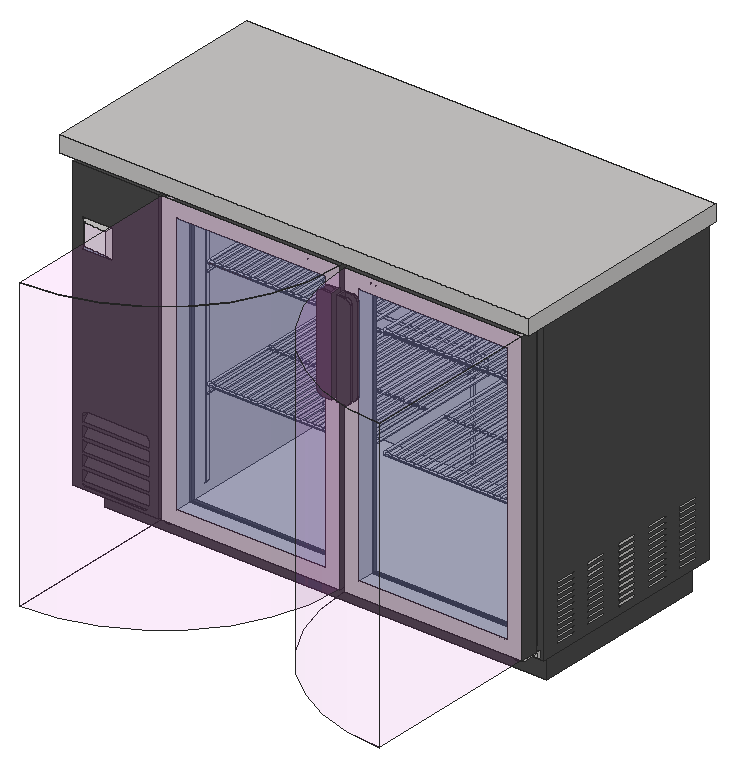
Revit family "QF_Kelvinator_738272_KCHBB48G", category Specialty Equipment, Revit 2021
Family settings
  Round Connector Dimension = Use Diameter
  Part Type = Normal
  Work Plane-Based = No
  Always vertical = Yes
  Cut with Voids When Loaded = No
  Shared = No
  Room Calculation Point = No
Parameters
  Weight in Pounds = 231.485
  Weight = 114.00 lbm
  Watts = 0 W
  Volts = 115 V
  URL Manufacturer = "KELVINATOR"
  URL Cutsheet = ""
  URL = "KELVINATOR"
  Specification by User = ""
  Specification by Manufacturer = ""
  Serial Number = ""
  Seismic Rating = ""
  SMACNA No = ""
  Revision Code = ""
  Refrigerant Type = "R290"
  Phase = 1
  Number of Poles = 1
  NAFEM Spec ID Number = ""
  Model = "KCHBB48G"
  Min Ckt Ampacity = 0 A
  Max Overcurrent Protection = 0 A
  Masterspec = ""
  Manufacturer = "Kelvinator"
  Length Actual = 1247"
  Length = 49 1/8"
  Item Number = "738272"
  Installed By = ""
  Identify Quantity as Lot = yes
  Height Actual = 920"
  Height = 36 1/4"
  HP = "0.4 HP"
  Gas KW = 0
  Furnished By = ""
  Foodservice Equipment Identifier = yes
  FL Amps = 3 A
  Electrical Remarks = ""
  Electric Connection Type = ""
  Elec Conn RI Height = 0"
  Elec Conn Connection Height = 0"
  Description = "2-GLASS DOOR BACK BAR REFRIGERATOR BLACK 49\" LONG"
  Depth Actual = 620"
  Depth = 24 7/16"
  Default Elevation = 0"
  Cycle = 60 Hz
  Conn Plug = "5-15P"
  Conn Conduit = yes
  CSI MasterFormat = ""
  Apparent Power = 0 VA
  Accessory = no
Reference planes (in)
  plane 1 "BACK": y = 0
  plane 2: z = 0
  plane 3 "LEFT": x = 0
  plane 4 "RIGHT": x = 49.125
  plane 5 "FRONT": y = -24.4375
  plane 6 "TOP": z = 36.25
  plane 7 "Center Y": x = 24.5625
  plane 8 "Center X": y = -12.21875
Dimensions and locks (in)
  equal spacing: plane 3 "LEFT", plane 7 "Center Y", plane 4 "RIGHT"
  "Length": plane 3 "LEFT" to plane 4 "RIGHT"
  equal spacing: plane 5 "FRONT", plane 8 "Center X", plane 1 "BACK"
  "Depth": plane 5 "FRONT" to plane 1 "BACK"
  "Height": plane 6 "TOP" to level
  aligned and locked: level to plane 2
Nested families (in)
  nested 1: "KCHBB48S" at (0, 0, 0), type "KCHBB48S"
    with Show Clearance yes
Connectors (in)
  electrical at (24.53125, -0.715, 2.1875), driven by "Volts", driven by "Watts"
    settings: on nested 1, index 1, voltage 115 V, apparent load 0 VA, apparent load phase1 0 VA, apparent load phase2 0 VA, apparent load phase3 0 VA, power factor 1, load classification "Other", number of poles 1, system type 30, power factor state 1, is connector primary yes, connector utility no, sub classification motor no, connector description ""
Definition of nested family "KCHBB48S"
  Parameters (values of type "KCHBB48S")
    Weight in Pounds = 0
    URL Cutsheet = ""
    Specification by User = ""
    Specification by Manufacturer = ""
    Show Clearance [instance] = yes
    Serial Number = ""
    Seismic Rating = ""
    SMACNA No = ""
    Revision Code = ""
    NAFEM Spec ID Number = ""
    Masterspec = ""
    Length = 49 1/8"
    Item Number = ""
    Installed By = ""
    Identify Quantity as Lot = yes
    Height = 36 1/4"
    Furnished By = ""
    Foodservice Equipment Identifier = yes
    Depth = 24 7/16"
    Default Elevation = 0"
    CSI MasterFormat = ""
  Reference planes (in)
    plane 1 "BACK": y = 0
    plane 2: z = 0
    plane 3 "LEFT": x = 0
    plane 4 "RIGHT": x = 49.125
    plane 5 "FRONT": y = -24.4375
    plane 6 "TOP": z = 36.25
    plane 7 "Center Y": x = 24.5625
    plane 8 "Center X": y = -12.21875
    plane 9: x = 48.46875
    plane 10: x = 0.59375
    plane 11: x = 47.96875
    plane 12: x = 29.36875
    plane 13: x = 28.86875
    plane 14: x = 10.26875
    plane 15: x = 9.93375
    plane 16: x = 0.93375
    plane 17: z = 2.6875
    plane 18: z = 34.5875
    plane 19: y = -40.8
    plane 20: y = -21.6
    plane 21: x = 1.34375
    plane 22: x = 47.71875
    plane 23: y = -1.34
    plane 24: y = -20.26
    plane 25: z = 33.8375
    plane 26: z = 3.4375
    plane 27: y = -22.1
    plane 28: x = 1.93375
    plane 29: x = 8.93375
    plane 30: x = 10.96025
  Forms (in)
    Extrusion 1, solid
      sketch origin (0.59375, -180, -2.6612) x (0, 0, -1) y (0, -1, 0)
        loop
          line (-5.3487, -180) -> (-5.3487, -158.4) -> (-37.2487, -158.4) -> (-37.2487, -180) -> (-5.3487, -180)
      from 0 to -47.875
    Extrusion 2, solid
      sketch origin (0, 0, 0) x (0, 1, 0) y (0, 0, 1)
        loop
          line (-24.4375, 36.25) -> (-24.4375, 34.5875) -> (0, 34.5875) -> (0, 36.25) -> (-24.4375, 36.25)
      from 0 to 49.125
    Extrusion 3, solid
      sketch origin (0, -1.34, 0) x (0, 0, -1) y (1, 0, 0)
        loop
          line (-2.6875, 1.34375) -> (0, 1.34375) -> (0, 47.71875) -> (-2.6875, 47.71875) -> (-2.6875, 1.34375)
      from 0 to 18.92
    Extrusion 4, solid
      sketch origin (0, -22.1, 34.5875) x (0, 0, 1) y (1, 0, 0)
        loop
          line (-0.75, 0.93375) -> (-0.75, 9.93375) -> (-31.15, 9.93375) -> (-31.15, 0.93375) -> (-0.75, 0.93375)
      from 0.5 to -1.75
    Extrusion 5, void
      sketch origin (1.93375, -180, 12.66737) x (0, 0, -1) y (0, -1, 0)
        loop
          line (8.97987, -157.025) -> (8.97987, -154.65) -> (1.85487, -154.65) -> (1.85487, -157.025) -> (2.10487, -157.025) -> (2.97987, -156.15) -> (3.22987, -156.15) -> (3.22987, -157.025) -> (3.47987, -157.025) -> (4.35487, -156.15) -> (4.60487, -156.15) -> (4.60487, -157.025) -> (4.85487, -157.025) -> (5.72987, -156.15) -> (5.97987, -156.15) -> (5.97987, -157.025) -> (6.22987, -157.025) -> (7.10487, -156.15) -> (7.35487, -156.15) -> (7.35487, -157.025) -> (7.60487, -157.025) -> (8.47987, -156.15) -> (8.72987, -156.15) -> (8.72987, -157.025) -> (8.97987, -157.025)
      from 0 to -7
    Extrusion 6, solid
      sketch origin (47.96875, -23.85, 3.4375) x (0, 0, 1) y (-1, 0, 0)
        loop
          line (7.375, 39.535) -> (7.375, 45.535)
          arc (7.375, 45.535) -> (7.22855, 45.88855) -> (6.875, 46.035) r 0.5
          line (6.875, 46.035) -> (0.75, 46.035)
          arc (0.75, 46.035) -> (0.39645, 45.88855) -> (0.25, 45.535) r 0.5
          line (0.25, 45.535) -> (0.25, 39.535)
          arc (0.25, 39.535) -> (0.39645, 39.18145) -> (0.75, 39.035) r 0.5
          line (0.75, 39.035) -> (6.875, 39.035)
          arc (6.875, 39.035) -> (7.22855, 39.18145) -> (7.375, 39.535) r 0.5
        loop
          line (7.625, 39.535) -> (7.625, 45.535)
          arc (7.625, 45.535) -> (7.40533, 46.06533) -> (6.875, 46.285) r 0.75
          line (6.875, 46.285) -> (0.75, 46.285)
          arc (0.75, 46.285) -> (0.21967, 46.06533) -> (0, 45.535) r 0.75
          line (0, 45.535) -> (0, 39.535)
          arc (0, 39.535) -> (0.21967, 39.00467) -> (0.75, 38.785) r 0.75
          line (0.75, 38.785) -> (6.875, 38.785)
          arc (6.875, 38.785) -> (7.40533, 39.00467) -> (7.625, 39.535) r 0.75
      from 0 to -0.875
    Blend 7, solid
      base sketch origin (47.96875, -23.85, 3.4375) x (0, 0, 1) y (-1, 0, 0)
        loop
          line (25.18493, 45.65025) -> (22.93493, 45.65025) -> (22.93493, 43.40025) -> (25.18493, 43.40025) -> (25.18493, 45.65025)
      top sketch origin (47.96875, -23.85, 3.4375) x (0, 0, 1) y (-1, 0, 0)
        loop
          line (25.56493, 46.03025) -> (22.55493, 46.03025) -> (22.55493, 43.02025) -> (25.56493, 43.02025) -> (25.56493, 46.03025)
      from 0.21643 to 0
    Extrusion 8, void
      sketch origin (0.59375, -180, -2.6612) x (0, 0, 1) y (0, -1, 0)
        loop
          arc (12.07129, -160.16063) -> (11.91504, -160.00438) -> (11.75879, -160.16063) r 0.15625
          line (11.75879, -160.16063) -> (11.75879, -162.09813)
          arc (11.75879, -162.09813) -> (11.91504, -162.25438) -> (12.07129, -162.09813) r 0.15625
          line (12.07129, -162.09813) -> (12.07129, -160.16063)
        loop
          arc (11.50879, -160.16063) -> (11.35254, -160.00438) -> (11.19629, -160.16063) r 0.15625
          line (11.19629, -160.16063) -> (11.19629, -162.09813)
          arc (11.19629, -162.09813) -> (11.35254, -162.25438) -> (11.50879, -162.09813) r 0.15625
          line (11.50879, -162.09813) -> (11.50879, -160.16063)
        loop
          arc (10.94629, -160.16063) -> (10.79004, -160.00438) -> (10.63379, -160.16063) r 0.15625
          line (10.63379, -160.16063) -> (10.63379, -162.09813)
          arc (10.63379, -162.09813) -> (10.79004, -162.25438) -> (10.94629, -162.09813) r 0.15625
          line (10.94629, -162.09813) -> (10.94629, -160.16063)
        loop
          arc (10.38379, -160.16063) -> (10.22754, -160.00438) -> (10.07129, -160.16063) r 0.15625
          line (10.07129, -160.16063) -> (10.07129, -162.09813)
          arc (10.07129, -162.09813) -> (10.22754, -162.25438) -> (10.38379, -162.09813) r 0.15625
          line (10.38379, -162.09813) -> (10.38379, -160.16063)
        loop
          arc (9.82129, -160.16063) -> (9.66504, -160.00438) -> (9.50879, -160.16063) r 0.15625
          line (9.50879, -160.16063) -> (9.50879, -162.09813)
          arc (9.50879, -162.09813) -> (9.66504, -162.25438) -> (9.82129, -162.09813) r 0.15625
          line (9.82129, -162.09813) -> (9.82129, -160.16063)
        loop
          arc (9.25879, -160.16063) -> (9.10254, -160.00438) -> (8.94629, -160.16063) r 0.15625
          line (8.94629, -160.16063) -> (8.94629, -162.09813)
          arc (8.94629, -162.09813) -> (9.10254, -162.25438) -> (9.25879, -162.09813) r 0.15625
          line (9.25879, -162.09813) -> (9.25879, -160.16063)
        loop
          arc (8.69629, -160.16063) -> (8.54004, -160.00438) -> (8.38379, -160.16063) r 0.15625
          line (8.38379, -160.16063) -> (8.38379, -162.09813)
          arc (8.38379, -162.09813) -> (8.54004, -162.25438) -> (8.69629, -162.09813) r 0.15625
          line (8.69629, -162.09813) -> (8.69629, -160.16063)
        loop
          arc (8.13379, -160.16063) -> (7.97754, -160.00438) -> (7.82129, -160.16063) r 0.15625
          line (7.82129, -160.16063) -> (7.82129, -162.09813)
          arc (7.82129, -162.09813) -> (7.97754, -162.25438) -> (8.13379, -162.09813) r 0.15625
          line (8.13379, -162.09813) -> (8.13379, -160.16063)
        loop
          arc (7.57129, -160.16063) -> (7.41504, -160.00438) -> (7.25879, -160.16063) r 0.15625
          line (7.25879, -160.16063) -> (7.25879, -162.09813)
          arc (7.25879, -162.09813) -> (7.41504, -162.25438) -> (7.57129, -162.09813) r 0.15625
          line (7.57129, -162.09813) -> (7.57129, -160.16063)
        loop
          arc (7.00879, -160.16063) -> (6.85254, -160.00438) -> (6.69629, -160.16063) r 0.15625
          line (6.69629, -160.16063) -> (6.69629, -162.09813)
          arc (6.69629, -162.09813) -> (6.85254, -162.25438) -> (7.00879, -162.09813) r 0.15625
          line (7.00879, -162.09813) -> (7.00879, -160.16063)
        loop
          arc (6.44629, -160.16063) -> (6.29004, -160.00438) -> (6.13379, -160.16063) r 0.15625
          line (6.13379, -160.16063) -> (6.13379, -162.09813)
          arc (6.13379, -162.09813) -> (6.29004, -162.25438) -> (6.44629, -162.09813) r 0.15625
          line (6.44629, -162.09813) -> (6.44629, -160.16063)
        loop
          arc (12.07129, -164.16063) -> (11.91504, -164.00438) -> (11.75879, -164.16063) r 0.15625
          line (11.75879, -164.16063) -> (11.75879, -166.09813)
          arc (11.75879, -166.09813) -> (11.91504, -166.25438) -> (12.07129, -166.09813) r 0.15625
          line (12.07129, -166.09813) -> (12.07129, -164.16063)
        loop
          arc (11.50879, -164.16063) -> (11.35254, -164.00438) -> (11.19629, -164.16063) r 0.15625
          line (11.19629, -164.16063) -> (11.19629, -166.09813)
          arc (11.19629, -166.09813) -> (11.35254, -166.25438) -> (11.50879, -166.09813) r 0.15625
          line (11.50879, -166.09813) -> (11.50879, -164.16063)
        loop
          arc (10.94629, -164.16063) -> (10.79004, -164.00438) -> (10.63379, -164.16063) r 0.15625
          line (10.63379, -164.16063) -> (10.63379, -166.09813)
          arc (10.63379, -166.09813) -> (10.79004, -166.25438) -> (10.94629, -166.09813) r 0.15625
          line (10.94629, -166.09813) -> (10.94629, -164.16063)
        loop
          arc (10.38379, -164.16063) -> (10.22754, -164.00438) -> (10.07129, -164.16063) r 0.15625
          line (10.07129, -164.16063) -> (10.07129, -166.09813)
          arc (10.07129, -166.09813) -> (10.22754, -166.25438) -> (10.38379, -166.09813) r 0.15625
          line (10.38379, -166.09813) -> (10.38379, -164.16063)
        loop
          arc (9.82129, -164.16063) -> (9.66504, -164.00438) -> (9.50879, -164.16063) r 0.15625
          line (9.50879, -164.16063) -> (9.50879, -166.09813)
          arc (9.50879, -166.09813) -> (9.66504, -166.25438) -> (9.82129, -166.09813) r 0.15625
          line (9.82129, -166.09813) -> (9.82129, -164.16063)
        loop
          arc (9.25879, -164.16063) -> (9.10254, -164.00438) -> (8.94629, -164.16063) r 0.15625
          line (8.94629, -164.16063) -> (8.94629, -166.09813)
          arc (8.94629, -166.09813) -> (9.10254, -166.25438) -> (9.25879, -166.09813) r 0.15625
          line (9.25879, -166.09813) -> (9.25879, -164.16063)
        loop
          arc (8.69629, -164.16063) -> (8.54004, -164.00438) -> (8.38379, -164.16063) r 0.15625
          line (8.38379, -164.16063) -> (8.38379, -166.09813)
          arc (8.38379, -166.09813) -> (8.54004, -166.25438) -> (8.69629, -166.09813) r 0.15625
          line (8.69629, -166.09813) -> (8.69629, -164.16063)
        loop
          arc (8.13379, -164.16063) -> (7.97754, -164.00438) -> (7.82129, -164.16063) r 0.15625
          line (7.82129, -164.16063) -> (7.82129, -166.09813)
          arc (7.82129, -166.09813) -> (7.97754, -166.25438) -> (8.13379, -166.09813) r 0.15625
          line (8.13379, -166.09813) -> (8.13379, -164.16063)
        loop
          arc (7.57129, -164.16063) -> (7.41504, -164.00438) -> (7.25879, -164.16063) r 0.15625
          line (7.25879, -164.16063) -> (7.25879, -166.09813)
          arc (7.25879, -166.09813) -> (7.41504, -166.25438) -> (7.57129, -166.09813) r 0.15625
          line (7.57129, -166.09813) -> (7.57129, -164.16063)
        loop
          arc (7.00879, -164.16063) -> (6.85254, -164.00438) -> (6.69629, -164.16063) r 0.15625
          line (6.69629, -164.16063) -> (6.69629, -166.09813)
          arc (6.69629, -166.09813) -> (6.85254, -166.25438) -> (7.00879, -166.09813) r 0.15625
          line (7.00879, -166.09813) -> (7.00879, -164.16063)
        loop
          arc (6.44629, -164.16063) -> (6.29004, -164.00438) -> (6.13379, -164.16063) r 0.15625
          line (6.13379, -164.16063) -> (6.13379, -166.09813)
          arc (6.13379, -166.09813) -> (6.29004, -166.25438) -> (6.44629, -166.09813) r 0.15625
          line (6.44629, -166.09813) -> (6.44629, -164.16063)
        loop
          arc (12.07129, -168.16063) -> (11.91504, -168.00438) -> (11.75879, -168.16063) r 0.15625
          line (11.75879, -168.16063) -> (11.75879, -170.09813)
          arc (11.75879, -170.09813) -> (11.91504, -170.25438) -> (12.07129, -170.09813) r 0.15625
          line (12.07129, -170.09813) -> (12.07129, -168.16063)
        loop
          arc (11.50879, -168.16063) -> (11.35254, -168.00438) -> (11.19629, -168.16063) r 0.15625
          line (11.19629, -168.16063) -> (11.19629, -170.09813)
          arc (11.19629, -170.09813) -> (11.35254, -170.25438) -> (11.50879, -170.09813) r 0.15625
          line (11.50879, -170.09813) -> (11.50879, -168.16063)
        loop
          arc (10.94629, -168.16063) -> (10.79004, -168.00438) -> (10.63379, -168.16063) r 0.15625
          line (10.63379, -168.16063) -> (10.63379, -170.09813)
          arc (10.63379, -170.09813) -> (10.79004, -170.25438) -> (10.94629, -170.09813) r 0.15625
          line (10.94629, -170.09813) -> (10.94629, -168.16063)
        loop
          arc (10.38379, -168.16063) -> (10.22754, -168.00438) -> (10.07129, -168.16063) r 0.15625
          line (10.07129, -168.16063) -> (10.07129, -170.09813)
          arc (10.07129, -170.09813) -> (10.22754, -170.25438) -> (10.38379, -170.09813) r 0.15625
          line (10.38379, -170.09813) -> (10.38379, -168.16063)
        loop
          arc (9.82129, -168.16063) -> (9.66504, -168.00438) -> (9.50879, -168.16063) r 0.15625
          line (9.50879, -168.16063) -> (9.50879, -170.09813)
          arc (9.50879, -170.09813) -> (9.66504, -170.25438) -> (9.82129, -170.09813) r 0.15625
          line (9.82129, -170.09813) -> (9.82129, -168.16063)
        loop
          arc (9.25879, -168.16063) -> (9.10254, -168.00438) -> (8.94629, -168.16063) r 0.15625
          line (8.94629, -168.16063) -> (8.94629, -170.09813)
          arc (8.94629, -170.09813) -> (9.10254, -170.25438) -> (9.25879, -170.09813) r 0.15625
          line (9.25879, -170.09813) -> (9.25879, -168.16063)
        loop
          arc (8.69629, -168.16063) -> (8.54004, -168.00438) -> (8.38379, -168.16063) r 0.15625
          line (8.38379, -168.16063) -> (8.38379, -170.09813)
          arc (8.38379, -170.09813) -> (8.54004, -170.25438) -> (8.69629, -170.09813) r 0.15625
          line (8.69629, -170.09813) -> (8.69629, -168.16063)
        loop
          arc (8.13379, -168.16063) -> (7.97754, -168.00438) -> (7.82129, -168.16063) r 0.15625
          line (7.82129, -168.16063) -> (7.82129, -170.09813)
          arc (7.82129, -170.09813) -> (7.97754, -170.25438) -> (8.13379, -170.09813) r 0.15625
          line (8.13379, -170.09813) -> (8.13379, -168.16063)
        loop
          arc (7.57129, -168.16063) -> (7.41504, -168.00438) -> (7.25879, -168.16063) r 0.15625
          line (7.25879, -168.16063) -> (7.25879, -170.09813)
          arc (7.25879, -170.09813) -> (7.41504, -170.25438) -> (7.57129, -170.09813) r 0.15625
          line (7.57129, -170.09813) -> (7.57129, -168.16063)
        loop
          arc (7.00879, -168.16063) -> (6.85254, -168.00438) -> (6.69629, -168.16063) r 0.15625
          line (6.69629, -168.16063) -> (6.69629, -170.09813)
          arc (6.69629, -170.09813) -> (6.85254, -170.25438) -> (7.00879, -170.09813) r 0.15625
          line (7.00879, -170.09813) -> (7.00879, -168.16063)
        loop
          arc (6.44629, -168.16063) -> (6.29004, -168.00438) -> (6.13379, -168.16063) r 0.15625
          line (6.13379, -168.16063) -> (6.13379, -170.09813)
          arc (6.13379, -170.09813) -> (6.29004, -170.25438) -> (6.44629, -170.09813) r 0.15625
          line (6.44629, -170.09813) -> (6.44629, -168.16063)
        loop
          arc (12.07129, -172.16063) -> (11.91504, -172.00438) -> (11.75879, -172.16063) r 0.15625
          line (11.75879, -172.16063) -> (11.75879, -174.09813)
          arc (11.75879, -174.09813) -> (11.91504, -174.25438) -> (12.07129, -174.09813) r 0.15625
          line (12.07129, -174.09813) -> (12.07129, -172.16063)
        loop
          arc (11.50879, -172.16063) -> (11.35254, -172.00438) -> (11.19629, -172.16063) r 0.15625
          line (11.19629, -172.16063) -> (11.19629, -174.09813)
          arc (11.19629, -174.09813) -> (11.35254, -174.25438) -> (11.50879, -174.09813) r 0.15625
          line (11.50879, -174.09813) -> (11.50879, -172.16063)
        loop
          arc (10.94629, -172.16063) -> (10.79004, -172.00438) -> (10.63379, -172.16063) r 0.15625
          line (10.63379, -172.16063) -> (10.63379, -174.09813)
          arc (10.63379, -174.09813) -> (10.79004, -174.25438) -> (10.94629, -174.09813) r 0.15625
          line (10.94629, -174.09813) -> (10.94629, -172.16063)
        loop
          arc (10.38379, -172.16063) -> (10.22754, -172.00438) -> (10.07129, -172.16063) r 0.15625
          line (10.07129, -172.16063) -> (10.07129, -174.09813)
          arc (10.07129, -174.09813) -> (10.22754, -174.25438) -> (10.38379, -174.09813) r 0.15625
          line (10.38379, -174.09813) -> (10.38379, -172.16063)
        loop
          arc (9.82129, -172.16063) -> (9.66504, -172.00438) -> (9.50879, -172.16063) r 0.15625
          line (9.50879, -172.16063) -> (9.50879, -174.09813)
          arc (9.50879, -174.09813) -> (9.66504, -174.25438) -> (9.82129, -174.09813) r 0.15625
          line (9.82129, -174.09813) -> (9.82129, -172.16063)
        loop
          arc (9.25879, -172.16063) -> (9.10254, -172.00438) -> (8.94629, -172.16063) r 0.15625
          line (8.94629, -172.16063) -> (8.94629, -174.09813)
          arc (8.94629, -174.09813) -> (9.10254, -174.25438) -> (9.25879, -174.09813) r 0.15625
          line (9.25879, -174.09813) -> (9.25879, -172.16063)
        loop
          arc (8.69629, -172.16063) -> (8.54004, -172.00438) -> (8.38379, -172.16063) r 0.15625
          line (8.38379, -172.16063) -> (8.38379, -174.09813)
          arc (8.38379, -174.09813) -> (8.54004, -174.25438) -> (8.69629, -174.09813) r 0.15625
          line (8.69629, -174.09813) -> (8.69629, -172.16063)
        loop
          arc (8.13379, -172.16063) -> (7.97754, -172.00438) -> (7.82129, -172.16063) r 0.15625
          line (7.82129, -172.16063) -> (7.82129, -174.09813)
          arc (7.82129, -174.09813) -> (7.97754, -174.25438) -> (8.13379, -174.09813) r 0.15625
          line (8.13379, -174.09813) -> (8.13379, -172.16063)
        loop
          arc (7.57129, -172.16063) -> (7.41504, -172.00438) -> (7.25879, -172.16063) r 0.15625
          line (7.25879, -172.16063) -> (7.25879, -174.09813)
          arc (7.25879, -174.09813) -> (7.41504, -174.25438) -> (7.57129, -174.09813) r 0.15625
          line (7.57129, -174.09813) -> (7.57129, -172.16063)
        loop
          arc (7.00879, -172.16063) -> (6.85254, -172.00438) -> (6.69629, -172.16063) r 0.15625
          line (6.69629, -172.16063) -> (6.69629, -174.09813)
          arc (6.69629, -174.09813) -> (6.85254, -174.25438) -> (7.00879, -174.09813) r 0.15625
          line (7.00879, -174.09813) -> (7.00879, -172.16063)
        loop
          arc (6.44629, -172.16063) -> (6.29004, -172.00438) -> (6.13379, -172.16063) r 0.15625
          line (6.13379, -172.16063) -> (6.13379, -174.09813)
          arc (6.13379, -174.09813) -> (6.29004, -174.25438) -> (6.44629, -174.09813) r 0.15625
          line (6.44629, -174.09813) -> (6.44629, -172.16063)
        loop
          arc (12.07129, -176.16063) -> (11.91504, -176.00438) -> (11.75879, -176.16063) r 0.15625
          line (11.75879, -176.16063) -> (11.75879, -178.09813)
          arc (11.75879, -178.09813) -> (11.91504, -178.25438) -> (12.07129, -178.09813) r 0.15625
          line (12.07129, -178.09813) -> (12.07129, -176.16063)
        loop
          arc (11.50879, -176.16063) -> (11.35254, -176.00438) -> (11.19629, -176.16063) r 0.15625
          line (11.19629, -176.16063) -> (11.19629, -178.09813)
          arc (11.19629, -178.09813) -> (11.35254, -178.25438) -> (11.50879, -178.09813) r 0.15625
          line (11.50879, -178.09813) -> (11.50879, -176.16063)
        loop
          arc (10.94629, -176.16063) -> (10.79004, -176.00438) -> (10.63379, -176.16063) r 0.15625
          line (10.63379, -176.16063) -> (10.63379, -178.09813)
          arc (10.63379, -178.09813) -> (10.79004, -178.25438) -> (10.94629, -178.09813) r 0.15625
          line (10.94629, -178.09813) -> (10.94629, -176.16063)
        loop
          arc (10.38379, -176.16063) -> (10.22754, -176.00438) -> (10.07129, -176.16063) r 0.15625
          line (10.07129, -176.16063) -> (10.07129, -178.09813)
          arc (10.07129, -178.09813) -> (10.22754, -178.25438) -> (10.38379, -178.09813) r 0.15625
          line (10.38379, -178.09813) -> (10.38379, -176.16063)
        loop
          arc (9.82129, -176.16063) -> (9.66504, -176.00438) -> (9.50879, -176.16063) r 0.15625
          line (9.50879, -176.16063) -> (9.50879, -178.09813)
          arc (9.50879, -178.09813) -> (9.66504, -178.25438) -> (9.82129, -178.09813) r 0.15625
          line (9.82129, -178.09813) -> (9.82129, -176.16063)
        loop
          arc (9.25879, -176.16063) -> (9.10254, -176.00438) -> (8.94629, -176.16063) r 0.15625
          line (8.94629, -176.16063) -> (8.94629, -178.09813)
          arc (8.94629, -178.09813) -> (9.10254, -178.25438) -> (9.25879, -178.09813) r 0.15625
          line (9.25879, -178.09813) -> (9.25879, -176.16063)
        loop
          arc (8.69629, -176.16063) -> (8.54004, -176.00438) -> (8.38379, -176.16063) r 0.15625
          line (8.38379, -176.16063) -> (8.38379, -178.09813)
          arc (8.38379, -178.09813) -> (8.54004, -178.25438) -> (8.69629, -178.09813) r 0.15625
          line (8.69629, -178.09813) -> (8.69629, -176.16063)
        loop
          arc (8.13379, -176.16063) -> (7.97754, -176.00438) -> (7.82129, -176.16063) r 0.15625
          line (7.82129, -176.16063) -> (7.82129, -178.09813)
          arc (7.82129, -178.09813) -> (7.97754, -178.25438) -> (8.13379, -178.09813) r 0.15625
          line (8.13379, -178.09813) -> (8.13379, -176.16063)
        loop
          arc (7.57129, -176.16063) -> (7.41504, -176.00438) -> (7.25879, -176.16063) r 0.15625
          line (7.25879, -176.16063) -> (7.25879, -178.09813)
          arc (7.25879, -178.09813) -> (7.41504, -178.25438) -> (7.57129, -178.09813) r 0.15625
          line (7.57129, -178.09813) -> (7.57129, -176.16063)
        loop
          arc (7.00879, -176.16063) -> (6.85254, -176.00438) -> (6.69629, -176.16063) r 0.15625
          line (6.69629, -176.16063) -> (6.69629, -178.09813)
          arc (6.69629, -178.09813) -> (6.85254, -178.25438) -> (7.00879, -178.09813) r 0.15625
          line (7.00879, -178.09813) -> (7.00879, -176.16063)
        loop
          arc (6.44629, -176.16063) -> (6.29004, -176.00438) -> (6.13379, -176.16063) r 0.15625
          line (6.13379, -176.16063) -> (6.13379, -178.09813)
          arc (6.13379, -178.09813) -> (6.29004, -178.25438) -> (6.44629, -178.09813) r 0.15625
          line (6.44629, -178.09813) -> (6.44629, -176.16063)
      from 0 to 0.03
    Extrusion 9, void
      sketch origin (48.46875, -180, -2.6612) x (0, 0, 1) y (0, 1, 0)
        loop
          line (12.07129, 160.16063) -> (12.07129, 162.09813)
          arc (12.07129, 162.09813) -> (11.91504, 162.25438) -> (11.75879, 162.09813) r 0.15625
          line (11.75879, 162.09813) -> (11.75879, 160.16063)
          arc (11.75879, 160.16063) -> (11.91504, 160.00438) -> (12.07129, 160.16063) r 0.15625
        loop
          line (11.50879, 160.16063) -> (11.50879, 162.09813)
          arc (11.50879, 162.09813) -> (11.35254, 162.25438) -> (11.19629, 162.09813) r 0.15625
          line (11.19629, 162.09813) -> (11.19629, 160.16063)
          arc (11.19629, 160.16063) -> (11.35254, 160.00438) -> (11.50879, 160.16063) r 0.15625
        loop
          line (10.94629, 160.16063) -> (10.94629, 162.09813)
          arc (10.94629, 162.09813) -> (10.79004, 162.25438) -> (10.63379, 162.09813) r 0.15625
          line (10.63379, 162.09813) -> (10.63379, 160.16063)
          arc (10.63379, 160.16063) -> (10.79004, 160.00438) -> (10.94629, 160.16063) r 0.15625
        loop
          line (10.38379, 160.16063) -> (10.38379, 162.09813)
          arc (10.38379, 162.09813) -> (10.22754, 162.25438) -> (10.07129, 162.09813) r 0.15625
          line (10.07129, 162.09813) -> (10.07129, 160.16063)
          arc (10.07129, 160.16063) -> (10.22754, 160.00438) -> (10.38379, 160.16063) r 0.15625
        loop
          line (9.82129, 160.16063) -> (9.82129, 162.09813)
          arc (9.82129, 162.09813) -> (9.66504, 162.25438) -> (9.50879, 162.09813) r 0.15625
          line (9.50879, 162.09813) -> (9.50879, 160.16063)
          arc (9.50879, 160.16063) -> (9.66504, 160.00438) -> (9.82129, 160.16063) r 0.15625
        loop
          line (9.25879, 160.16063) -> (9.25879, 162.09813)
          arc (9.25879, 162.09813) -> (9.10254, 162.25438) -> (8.94629, 162.09813) r 0.15625
          line (8.94629, 162.09813) -> (8.94629, 160.16063)
          arc (8.94629, 160.16063) -> (9.10254, 160.00438) -> (9.25879, 160.16063) r 0.15625
        loop
          line (8.69629, 160.16063) -> (8.69629, 162.09813)
          arc (8.69629, 162.09813) -> (8.54004, 162.25438) -> (8.38379, 162.09813) r 0.15625
          line (8.38379, 162.09813) -> (8.38379, 160.16063)
          arc (8.38379, 160.16063) -> (8.54004, 160.00438) -> (8.69629, 160.16063) r 0.15625
        loop
          line (8.13379, 160.16063) -> (8.13379, 162.09813)
          arc (8.13379, 162.09813) -> (7.97754, 162.25438) -> (7.82129, 162.09813) r 0.15625
          line (7.82129, 162.09813) -> (7.82129, 160.16063)
          arc (7.82129, 160.16063) -> (7.97754, 160.00438) -> (8.13379, 160.16063) r 0.15625
        loop
          line (7.57129, 160.16063) -> (7.57129, 162.09813)
          arc (7.57129, 162.09813) -> (7.41504, 162.25438) -> (7.25879, 162.09813) r 0.15625
          line (7.25879, 162.09813) -> (7.25879, 160.16063)
          arc (7.25879, 160.16063) -> (7.41504, 160.00438) -> (7.57129, 160.16063) r 0.15625
        loop
          line (7.00879, 160.16063) -> (7.00879, 162.09813)
          arc (7.00879, 162.09813) -> (6.85254, 162.25438) -> (6.69629, 162.09813) r 0.15625
          line (6.69629, 162.09813) -> (6.69629, 160.16063)
          arc (6.69629, 160.16063) -> (6.85254, 160.00438) -> (7.00879, 160.16063) r 0.15625
        loop
          line (6.44629, 160.16063) -> (6.44629, 162.09813)
          arc (6.44629, 162.09813) -> (6.29004, 162.25438) -> (6.13379, 162.09813) r 0.15625
          line (6.13379, 162.09813) -> (6.13379, 160.16063)
          arc (6.13379, 160.16063) -> (6.29004, 160.00438) -> (6.44629, 160.16063) r 0.15625
        loop
          line (12.07129, 164.16063) -> (12.07129, 166.09813)
          arc (12.07129, 166.09813) -> (11.91504, 166.25438) -> (11.75879, 166.09813) r 0.15625
          line (11.75879, 166.09813) -> (11.75879, 164.16063)
          arc (11.75879, 164.16063) -> (11.91504, 164.00438) -> (12.07129, 164.16063) r 0.15625
        loop
          line (11.50879, 164.16063) -> (11.50879, 166.09813)
          arc (11.50879, 166.09813) -> (11.35254, 166.25438) -> (11.19629, 166.09813) r 0.15625
          line (11.19629, 166.09813) -> (11.19629, 164.16063)
          arc (11.19629, 164.16063) -> (11.35254, 164.00438) -> (11.50879, 164.16063) r 0.15625
        loop
          line (10.94629, 164.16063) -> (10.94629, 166.09813)
          arc (10.94629, 166.09813) -> (10.79004, 166.25438) -> (10.63379, 166.09813) r 0.15625
          line (10.63379, 166.09813) -> (10.63379, 164.16063)
          arc (10.63379, 164.16063) -> (10.79004, 164.00438) -> (10.94629, 164.16063) r 0.15625
        loop
          line (10.38379, 164.16063) -> (10.38379, 166.09813)
          arc (10.38379, 166.09813) -> (10.22754, 166.25438) -> (10.07129, 166.09813) r 0.15625
          line (10.07129, 166.09813) -> (10.07129, 164.16063)
          arc (10.07129, 164.16063) -> (10.22754, 164.00438) -> (10.38379, 164.16063) r 0.15625
        loop
          line (9.82129, 164.16063) -> (9.82129, 166.09813)
          arc (9.82129, 166.09813) -> (9.66504, 166.25438) -> (9.50879, 166.09813) r 0.15625
          line (9.50879, 166.09813) -> (9.50879, 164.16063)
          arc (9.50879, 164.16063) -> (9.66504, 164.00438) -> (9.82129, 164.16063) r 0.15625
        loop
          line (9.25879, 164.16063) -> (9.25879, 166.09813)
          arc (9.25879, 166.09813) -> (9.10254, 166.25438) -> (8.94629, 166.09813) r 0.15625
          line (8.94629, 166.09813) -> (8.94629, 164.16063)
          arc (8.94629, 164.16063) -> (9.10254, 164.00438) -> (9.25879, 164.16063) r 0.15625
        loop
          line (8.69629, 164.16063) -> (8.69629, 166.09813)
          arc (8.69629, 166.09813) -> (8.54004, 166.25438) -> (8.38379, 166.09813) r 0.15625
          line (8.38379, 166.09813) -> (8.38379, 164.16063)
          arc (8.38379, 164.16063) -> (8.54004, 164.00438) -> (8.69629, 164.16063) r 0.15625
        loop
          line (8.13379, 164.16063) -> (8.13379, 166.09813)
          arc (8.13379, 166.09813) -> (7.97754, 166.25438) -> (7.82129, 166.09813) r 0.15625
          line (7.82129, 166.09813) -> (7.82129, 164.16063)
          arc (7.82129, 164.16063) -> (7.97754, 164.00438) -> (8.13379, 164.16063) r 0.15625
        loop
          line (7.57129, 164.16063) -> (7.57129, 166.09813)
          arc (7.57129, 166.09813) -> (7.41504, 166.25438) -> (7.25879, 166.09813) r 0.15625
          line (7.25879, 166.09813) -> (7.25879, 164.16063)
          arc (7.25879, 164.16063) -> (7.41504, 164.00438) -> (7.57129, 164.16063) r 0.15625
        loop
          line (7.00879, 164.16063) -> (7.00879, 166.09813)
          arc (7.00879, 166.09813) -> (6.85254, 166.25438) -> (6.69629, 166.09813) r 0.15625
          line (6.69629, 166.09813) -> (6.69629, 164.16063)
          arc (6.69629, 164.16063) -> (6.85254, 164.00438) -> (7.00879, 164.16063) r 0.15625
        loop
          line (6.44629, 164.16063) -> (6.44629, 166.09813)
          arc (6.44629, 166.09813) -> (6.29004, 166.25438) -> (6.13379, 166.09813) r 0.15625
          line (6.13379, 166.09813) -> (6.13379, 164.16063)
          arc (6.13379, 164.16063) -> (6.29004, 164.00438) -> (6.44629, 164.16063) r 0.15625
        loop
          line (12.07129, 168.16063) -> (12.07129, 170.09813)
          arc (12.07129, 170.09813) -> (11.91504, 170.25438) -> (11.75879, 170.09813) r 0.15625
          line (11.75879, 170.09813) -> (11.75879, 168.16063)
          arc (11.75879, 168.16063) -> (11.91504, 168.00438) -> (12.07129, 168.16063) r 0.15625
        loop
          line (11.50879, 168.16063) -> (11.50879, 170.09813)
          arc (11.50879, 170.09813) -> (11.35254, 170.25438) -> (11.19629, 170.09813) r 0.15625
          line (11.19629, 170.09813) -> (11.19629, 168.16063)
          arc (11.19629, 168.16063) -> (11.35254, 168.00438) -> (11.50879, 168.16063) r 0.15625
        loop
          line (10.94629, 168.16063) -> (10.94629, 170.09813)
          arc (10.94629, 170.09813) -> (10.79004, 170.25438) -> (10.63379, 170.09813) r 0.15625
          line (10.63379, 170.09813) -> (10.63379, 168.16063)
          arc (10.63379, 168.16063) -> (10.79004, 168.00438) -> (10.94629, 168.16063) r 0.15625
        loop
          line (10.38379, 168.16063) -> (10.38379, 170.09813)
          arc (10.38379, 170.09813) -> (10.22754, 170.25438) -> (10.07129, 170.09813) r 0.15625
          line (10.07129, 170.09813) -> (10.07129, 168.16063)
          arc (10.07129, 168.16063) -> (10.22754, 168.00438) -> (10.38379, 168.16063) r 0.15625
        loop
          line (9.82129, 168.16063) -> (9.82129, 170.09813)
          arc (9.82129, 170.09813) -> (9.66504, 170.25438) -> (9.50879, 170.09813) r 0.15625
          line (9.50879, 170.09813) -> (9.50879, 168.16063)
          arc (9.50879, 168.16063) -> (9.66504, 168.00438) -> (9.82129, 168.16063) r 0.15625
        loop
          line (9.25879, 168.16063) -> (9.25879, 170.09813)
          arc (9.25879, 170.09813) -> (9.10254, 170.25438) -> (8.94629, 170.09813) r 0.15625
          line (8.94629, 170.09813) -> (8.94629, 168.16063)
          arc (8.94629, 168.16063) -> (9.10254, 168.00438) -> (9.25879, 168.16063) r 0.15625
        loop
          line (8.69629, 168.16063) -> (8.69629, 170.09813)
          arc (8.69629, 170.09813) -> (8.54004, 170.25438) -> (8.38379, 170.09813) r 0.15625
          line (8.38379, 170.09813) -> (8.38379, 168.16063)
          arc (8.38379, 168.16063) -> (8.54004, 168.00438) -> (8.69629, 168.16063) r 0.15625
        loop
          line (8.13379, 168.16063) -> (8.13379, 170.09813)
          arc (8.13379, 170.09813) -> (7.97754, 170.25438) -> (7.82129, 170.09813) r 0.15625
          line (7.82129, 170.09813) -> (7.82129, 168.16063)
          arc (7.82129, 168.16063) -> (7.97754, 168.00438) -> (8.13379, 168.16063) r 0.15625
        loop
          line (7.57129, 168.16063) -> (7.57129, 170.09813)
          arc (7.57129, 170.09813) -> (7.41504, 170.25438) -> (7.25879, 170.09813) r 0.15625
          line (7.25879, 170.09813) -> (7.25879, 168.16063)
          arc (7.25879, 168.16063) -> (7.41504, 168.00438) -> (7.57129, 168.16063) r 0.15625
        loop
          line (7.00879, 168.16063) -> (7.00879, 170.09813)
          arc (7.00879, 170.09813) -> (6.85254, 170.25438) -> (6.69629, 170.09813) r 0.15625
          line (6.69629, 170.09813) -> (6.69629, 168.16063)
          arc (6.69629, 168.16063) -> (6.85254, 168.00438) -> (7.00879, 168.16063) r 0.15625
        loop
          line (6.44629, 168.16063) -> (6.44629, 170.09813)
          arc (6.44629, 170.09813) -> (6.29004, 170.25438) -> (6.13379, 170.09813) r 0.15625
          line (6.13379, 170.09813) -> (6.13379, 168.16063)
          arc (6.13379, 168.16063) -> (6.29004, 168.00438) -> (6.44629, 168.16063) r 0.15625
        loop
          line (12.07129, 172.16063) -> (12.07129, 174.09813)
          arc (12.07129, 174.09813) -> (11.91504, 174.25438) -> (11.75879, 174.09813) r 0.15625
          line (11.75879, 174.09813) -> (11.75879, 172.16063)
          arc (11.75879, 172.16063) -> (11.91504, 172.00438) -> (12.07129, 172.16063) r 0.15625
        loop
          line (11.50879, 172.16063) -> (11.50879, 174.09813)
          arc (11.50879, 174.09813) -> (11.35254, 174.25438) -> (11.19629, 174.09813) r 0.15625
          line (11.19629, 174.09813) -> (11.19629, 172.16063)
          arc (11.19629, 172.16063) -> (11.35254, 172.00438) -> (11.50879, 172.16063) r 0.15625
        loop
          line (10.94629, 172.16063) -> (10.94629, 174.09813)
          arc (10.94629, 174.09813) -> (10.79004, 174.25438) -> (10.63379, 174.09813) r 0.15625
          line (10.63379, 174.09813) -> (10.63379, 172.16063)
          arc (10.63379, 172.16063) -> (10.79004, 172.00438) -> (10.94629, 172.16063) r 0.15625
        loop
          line (10.38379, 172.16063) -> (10.38379, 174.09813)
          arc (10.38379, 174.09813) -> (10.22754, 174.25438) -> (10.07129, 174.09813) r 0.15625
          line (10.07129, 174.09813) -> (10.07129, 172.16063)
          arc (10.07129, 172.16063) -> (10.22754, 172.00438) -> (10.38379, 172.16063) r 0.15625
        loop
          line (9.82129, 172.16063) -> (9.82129, 174.09813)
          arc (9.82129, 174.09813) -> (9.66504, 174.25438) -> (9.50879, 174.09813) r 0.15625
          line (9.50879, 174.09813) -> (9.50879, 172.16063)
          arc (9.50879, 172.16063) -> (9.66504, 172.00438) -> (9.82129, 172.16063) r 0.15625
        loop
          line (9.25879, 172.16063) -> (9.25879, 174.09813)
          arc (9.25879, 174.09813) -> (9.10254, 174.25438) -> (8.94629, 174.09813) r 0.15625
          line (8.94629, 174.09813) -> (8.94629, 172.16063)
          arc (8.94629, 172.16063) -> (9.10254, 172.00438) -> (9.25879, 172.16063) r 0.15625
        loop
          line (8.69629, 172.16063) -> (8.69629, 174.09813)
          arc (8.69629, 174.09813) -> (8.54004, 174.25438) -> (8.38379, 174.09813) r 0.15625
          line (8.38379, 174.09813) -> (8.38379, 172.16063)
          arc (8.38379, 172.16063) -> (8.54004, 172.00438) -> (8.69629, 172.16063) r 0.15625
        loop
          line (8.13379, 172.16063) -> (8.13379, 174.09813)
          arc (8.13379, 174.09813) -> (7.97754, 174.25438) -> (7.82129, 174.09813) r 0.15625
          line (7.82129, 174.09813) -> (7.82129, 172.16063)
          arc (7.82129, 172.16063) -> (7.97754, 172.00438) -> (8.13379, 172.16063) r 0.15625
        loop
          line (7.57129, 172.16063) -> (7.57129, 174.09813)
          arc (7.57129, 174.09813) -> (7.41504, 174.25438) -> (7.25879, 174.09813) r 0.15625
          line (7.25879, 174.09813) -> (7.25879, 172.16063)
          arc (7.25879, 172.16063) -> (7.41504, 172.00438) -> (7.57129, 172.16063) r 0.15625
        loop
          line (7.00879, 172.16063) -> (7.00879, 174.09813)
          arc (7.00879, 174.09813) -> (6.85254, 174.25438) -> (6.69629, 174.09813) r 0.15625
          line (6.69629, 174.09813) -> (6.69629, 172.16063)
          arc (6.69629, 172.16063) -> (6.85254, 172.00438) -> (7.00879, 172.16063) r 0.15625
        loop
          line (6.44629, 172.16063) -> (6.44629, 174.09813)
          arc (6.44629, 174.09813) -> (6.29004, 174.25438) -> (6.13379, 174.09813) r 0.15625
          line (6.13379, 174.09813) -> (6.13379, 172.16063)
          arc (6.13379, 172.16063) -> (6.29004, 172.00438) -> (6.44629, 172.16063) r 0.15625
        loop
          line (12.07129, 176.16063) -> (12.07129, 178.09813)
          arc (12.07129, 178.09813) -> (11.91504, 178.25438) -> (11.75879, 178.09813) r 0.15625
          line (11.75879, 178.09813) -> (11.75879, 176.16063)
          arc (11.75879, 176.16063) -> (11.91504, 176.00438) -> (12.07129, 176.16063) r 0.15625
        loop
          line (11.50879, 176.16063) -> (11.50879, 178.09813)
          arc (11.50879, 178.09813) -> (11.35254, 178.25438) -> (11.19629, 178.09813) r 0.15625
          line (11.19629, 178.09813) -> (11.19629, 176.16063)
          arc (11.19629, 176.16063) -> (11.35254, 176.00438) -> (11.50879, 176.16063) r 0.15625
        loop
          line (10.94629, 176.16063) -> (10.94629, 178.09813)
          arc (10.94629, 178.09813) -> (10.79004, 178.25438) -> (10.63379, 178.09813) r 0.15625
          line (10.63379, 178.09813) -> (10.63379, 176.16063)
          arc (10.63379, 176.16063) -> (10.79004, 176.00438) -> (10.94629, 176.16063) r 0.15625
        loop
          line (10.38379, 176.16063) -> (10.38379, 178.09813)
          arc (10.38379, 178.09813) -> (10.22754, 178.25438) -> (10.07129, 178.09813) r 0.15625
          line (10.07129, 178.09813) -> (10.07129, 176.16063)
          arc (10.07129, 176.16063) -> (10.22754, 176.00438) -> (10.38379, 176.16063) r 0.15625
        loop
          line (9.82129, 176.16063) -> (9.82129, 178.09813)
          arc (9.82129, 178.09813) -> (9.66504, 178.25438) -> (9.50879, 178.09813) r 0.15625
          line (9.50879, 178.09813) -> (9.50879, 176.16063)
          arc (9.50879, 176.16063) -> (9.66504, 176.00438) -> (9.82129, 176.16063) r 0.15625
        loop
          line (9.25879, 176.16063) -> (9.25879, 178.09813)
          arc (9.25879, 178.09813) -> (9.10254, 178.25438) -> (8.94629, 178.09813) r 0.15625
          line (8.94629, 178.09813) -> (8.94629, 176.16063)
          arc (8.94629, 176.16063) -> (9.10254, 176.00438) -> (9.25879, 176.16063) r 0.15625
        loop
          line (8.69629, 176.16063) -> (8.69629, 178.09813)
          arc (8.69629, 178.09813) -> (8.54004, 178.25438) -> (8.38379, 178.09813) r 0.15625
          line (8.38379, 178.09813) -> (8.38379, 176.16063)
          arc (8.38379, 176.16063) -> (8.54004, 176.00438) -> (8.69629, 176.16063) r 0.15625
        loop
          line (8.13379, 176.16063) -> (8.13379, 178.09813)
          arc (8.13379, 178.09813) -> (7.97754, 178.25438) -> (7.82129, 178.09813) r 0.15625
          line (7.82129, 178.09813) -> (7.82129, 176.16063)
          arc (7.82129, 176.16063) -> (7.97754, 176.00438) -> (8.13379, 176.16063) r 0.15625
        loop
          line (7.57129, 176.16063) -> (7.57129, 178.09813)
          arc (7.57129, 178.09813) -> (7.41504, 178.25438) -> (7.25879, 178.09813) r 0.15625
          line (7.25879, 178.09813) -> (7.25879, 176.16063)
          arc (7.25879, 176.16063) -> (7.41504, 176.00438) -> (7.57129, 176.16063) r 0.15625
        loop
          line (7.00879, 176.16063) -> (7.00879, 178.09813)
          arc (7.00879, 178.09813) -> (6.85254, 178.25438) -> (6.69629, 178.09813) r 0.15625
          line (6.69629, 178.09813) -> (6.69629, 176.16063)
          arc (6.69629, 176.16063) -> (6.85254, 176.00438) -> (7.00879, 176.16063) r 0.15625
        loop
          line (6.44629, 176.16063) -> (6.44629, 178.09813)
          arc (6.44629, 178.09813) -> (6.29004, 178.25438) -> (6.13379, 178.09813) r 0.15625
          line (6.13379, 178.09813) -> (6.13379, 176.16063)
          arc (6.13379, 176.16063) -> (6.29004, 176.00438) -> (6.44629, 176.16063) r 0.15625
      from 0 to 0.03
    Extrusion 10, void
      sketch origin (10.96025, -180, 33.14145) x (0, 0, 1) y (0, -1, 0)
        loop
          line (-0.05395, -158.4) -> (-28.99145, -158.4) -> (-28.99145, -176.9) -> (-0.05395, -176.9) -> (-0.05395, -158.4)
      from 0 to 36.25
    Extrusion 11, solid
      sketch origin (0.59375, -21.6, 2.6875) x (0, 0, 1) y (-1, 0, 0)
        loop
          line (31.9, -27.9625) -> (0.75, -27.9625) -> (0.75, -29.0875) -> (31.9, -29.0875) -> (31.9, -27.9625)
      from 0 to -0.38658
    Extrusion 12, solid
      sketch origin (0.59375, 0, 2.6875) x (-1, 0, 0) y (0, 1, 0)
        loop
          circle (-23.9375, -0.715) r 0.25
      from 0 to 0.5
  Cuts and joins
    Extrusion 5, Extrusion 10 cuts Extrusion 4
    Extrusion 10 cuts Extrusion 6
    joined: Extrusion 4, Extrusion 6
    Extrusion 8, Extrusion 9, Extrusion 10 cuts Extrusion 1
    joined: Extrusion 1, Extrusion 11
  Lines and regions (in)
    Split face 1
      outline origin (3.4435, -24.06643, 28.62243) x (1, 0, 0) y (0, 0.49491, 0.868944)
        loop
          line (-1.21875, 0.43731) -> (-0.97039, 0.18895) -> (0.97039, 0.18895) -> (1.21875, 0.43731)
    Split face 2
      outline origin (2.3185, -24.06643, 27.49743) x (0, 0, 1) y (-0.868944, 0.49491, 0)
        loop
          line (1.18615, 0.43731) -> (0.93617, 0.18733) -> (-0.93617, 0.18733) -> (-1.18615, 0.43731)
    Split face 3
      outline origin (4.5685, -24.06643, 27.49743) x (0, 0, -1) y (0.868944, 0.49491, 0)
        loop
          line (-1.19007, 0.43731) -> (-0.98384, 0.15014) -> (0.98384, 0.15014) -> (1.19007, 0.43731)
    Split face 4
      outline origin (3.4435, -24.06643, 26.37243) x (-1, 0, 0) y (0, 0.49491, -0.868944)
        loop
          line (1.22528, 0.43731) -> (0.97787, 0.1899) -> (-0.97787, 0.1899) -> (-1.22528, 0.43731)
    Split face 5
      outline origin (47.96875, -24.06643, 3.4375) x (0, 0, 1) y (-1, 0, 0)
        loop
          line (24.38945, 45.65025) -> (24.38945, 43.40025)
    Split face 6
      outline origin (47.96875, -24.06643, 3.4375) x (0, 0, 1) y (-1, 0, 0)
        loop
          line (24.25741, 44.81122) -> (23.12376, 44.81122) -> (23.12376, 44.18607) -> (24.25741, 44.18607) -> (24.25741, 44.81122)
    Split face 7
      outline origin (47.96875, -24.06643, 3.4375) x (0, 0, 1) y (-1, 0, 0)
        loop
          line (24.19741, 44.24607) -> (24.19741, 44.75122) -> (23.18376, 44.75122) -> (23.18376, 44.24607) -> (24.19741, 44.24607)
    symbolic lines
      curve 1: line (49.125, 0, 0) -> (0, 0, 0)
      curve 2: line (0, 0, 0) -> (0, -24.4375, 0)
      curve 3: line (0, -24.4375, 0) -> (49.125, -24.4375, 0)
      curve 4: line (49.125, -24.4375, 0) -> (49.125, 0, 0)
  Dimensions and locks (in)
    equal spacing: plane 3 "LEFT", plane 7 "Center Y", plane 4 "RIGHT"
    "Length": plane 3 "LEFT" to plane 4 "RIGHT"
    equal spacing: plane 5 "FRONT", plane 8 "Center X", plane 1 "BACK"
    "Depth": plane 5 "FRONT" to plane 1 "BACK"
    "Height": plane 6 "TOP" to level
    plane 10 to plane 9 = 47 7/8"
    plane 4 "RIGHT" to plane 3 "LEFT" = 49 1/8"
    plane 6 "TOP" to plane 17 = 33 9/16"
    plane 19 to plane 1 "BACK" = 40.8"
    plane 5 "FRONT" to plane 1 "BACK" = 24 7/16"
    plane 20 to plane 1 "BACK" = 21.6"
    plane 12 to plane 11 = 18.6"
    plane 14 to plane 13 = 18.6"
    locked: plane 3 "LEFT" to plane 30 at 10.96025
    aligned and locked: level to plane 2
  Automatic sketch dimensions
    plane 1 "BACK" to curve 1 = 0"
    curve 1 to plane 3 "LEFT" = 0"
    curve 3 to plane 4 "RIGHT" = 0"
    plane 5 "FRONT" to curve 3 = 0"
    Extrusion 1 sketch curve to plane 1 "BACK" = 0"
    plane 18 to Extrusion 1 sketch curve = 0"
    plane 17 to Extrusion 1 sketch curve = 0"
    Extrusion 1 sketch curve to plane 20 = 0"
    Extrusion 2 sketch curve to plane 5 "FRONT" = 0"
    Extrusion 2 sketch curve to plane 1 "BACK" = 0"
    plane 18 to Extrusion 2 sketch curve = 0"
    Extrusion 2 sketch curve to plane 6 "TOP" = 0"
    Extrusion 3 sketch curve to plane 17 = 0"
    Extrusion 3 sketch curve to level = 0"
    plane 21 to Extrusion 3 sketch curve = 0"
    Extrusion 3 sketch curve to plane 22 = 0"
    plane 16 to Extrusion 4 sketch curve = 0"
    Extrusion 4 sketch curve to plane 26 = 0"
    Extrusion 4 sketch curve to plane 25 = 0"
    plane 15 to Extrusion 4 sketch curve = 0"
    plane 5 "FRONT" to Extrusion 5 sketch curve = 0.9125"
    Extrusion 5 sketch curve to plane 26 = 7 3/8"
    Extrusion 5 sketch curve to plane 27 = 7/8"  (x6)
    Extrusion 5 sketch curve to Extrusion 5 sketch curve = 1/4"  (x10)
    Extrusion 5 sketch curve to plane 5 "FRONT" = 0.5875"  (x5)
    Extrusion 5 sketch curve to Extrusion 5 sketch curve = 7/8"
    Extrusion 5 sketch curve to Extrusion 5 sketch curve = 1 1/8"  (x3)
    Extrusion 5 sketch curve to plane 26 = 3/4"
    Extrusion 5 sketch curve to plane 26 = 1/4"
    Extrusion 6 sketch curve to Extrusion 6 sketch curve = 0"  (x8)
    Extrusion 6 sketch curve to plane 26 = 0"
    plane 29 to Extrusion 6 sketch curve = 0"
    Extrusion 6 sketch curve to plane 28 = 0"
    Extrusion 6 sketch curve to plane 26 = 1/4"
    Extrusion 6 sketch curve to Extrusion 6 sketch curve = 1/2"  (x3)
    plane 29 to Extrusion 6 sketch curve = 1/2"
    Extrusion 6 sketch curve to Extrusion 6 sketch curve = 6 1/8"
    plane 28 to Blend 7 sketch curve = 0.38475"
    plane 25 to Blend 7 sketch curve = 7.46507"
    Blend 7 sketch curve to Blend 7 sketch curve = 2 1/4"  (x2)
    plane 28 to Blend 7 sketch curve = 0.00475"
    plane 25 to Blend 7 sketch curve = 7.84507"
    Blend 7 sketch curve to Blend 7 sketch curve = 3.01"  (x2)
    Extrusion 1 to Extrusion 8 sketch curve = 0.78509"  (x5)
    Extrusion 8 sketch curve to Extrusion 8 sketch curve = 5/32"  (x55)
    Extrusion 8 sketch curve to Extrusion 8 sketch curve = 1/4"  (x50)
    Extrusion 1 to Extrusion 8 sketch curve = 1.90187"  (x2)
    Extrusion 8 sketch curve to Extrusion 8 sketch curve = 0"  (x94)
    Extrusion 8 sketch curve to Extrusion 8 sketch curve = 1 15/16"  (x4)
    Extrusion 8 sketch curve to Extrusion 8 sketch curve = 2 1/16"  (x9)
    Extrusion 1 to Extrusion 8 sketch curve = 1.76063"
    Extrusion 9 sketch curve to plane 26 = 0.03509"  (x5)
    Extrusion 9 sketch curve to Extrusion 9 sketch curve = 5/32"  (x55)
    Extrusion 9 sketch curve to Extrusion 9 sketch curve = 1/4"  (x50)
    plane 24 to Extrusion 9 sketch curve = 0.42063"  (x2)
    Extrusion 9 sketch curve to Extrusion 9 sketch curve = 0"  (x91)
    Extrusion 9 sketch curve to Extrusion 9 sketch curve = 1 15/16"  (x3)
    Extrusion 9 sketch curve to Extrusion 9 sketch curve = 2 1/16"  (x6)
    Extrusion 9 sketch curve to plane 8 "Center X" = 1.68312"
    plane 8 "Center X" to Extrusion 9 sketch curve = 0.37938"  (x6)
    plane 23 to Extrusion 9 sketch curve = 0.56187"
    Blend 7 to Split face 1 sketch curve = 0"  (x2)
    Split face 1 sketch curve to Blend 7 = 0.21607"
    Split face 1 sketch curve to Split face 1 sketch curve = 0.24836"  (x2)
    Blend 7 to Split face 1 sketch curve = 0.18895"
    Split face 1 sketch curve to Split face 1 sketch curve = 1.94078"
    Split face 2 sketch curve to Blend 7 = 0"  (x2)
    Split face 2 sketch curve to Blend 7 = 0.24068"
    Blend 7 to Split face 2 sketch curve = 0.18733"
    Split face 2 sketch curve to Split face 2 sketch curve = 1/4"  (x2)
    Split face 2 sketch curve to Split face 2 sketch curve = 1.87234"
    Split face 3 sketch curve to Blend 7 = 0"  (x2)
    Blend 7 to Split face 3 sketch curve = 0.23772"
    Blend 7 to Split face 3 sketch curve = 0.15014"
    Split face 3 sketch curve to Split face 3 sketch curve = 0.20622"  (x2)
    Split face 3 sketch curve to Split face 3 sketch curve = 1.96768"
    Split face 4 sketch curve to Blend 7 = 0"  (x2)
    Split face 4 sketch curve to Blend 7 = 0.21114"
    Split face 4 sketch curve to Split face 4 sketch curve = 0.24741"  (x2)
    Blend 7 to Split face 4 sketch curve = 0.1899"
    Split face 4 sketch curve to Split face 4 sketch curve = 1.95574"
    Split face 5 sketch curve to Blend 7 = 0"
    Blend 7 to Split face 5 sketch curve = 0"
    Split face 5 sketch curve to Blend 7 = 0.79548"
    Split face 6 sketch curve to Blend 7 = 0.18883"
    Split face 6 sketch curve to Blend 7 = 0.92752"
    Split face 6 sketch curve to Blend 7 = 0.78582"
    Split face 6 sketch curve to Split face 6 sketch curve = 0.62515"
    Split face 7 sketch curve to Blend 7 = 0.24883"
    Split face 7 sketch curve to Blend 7 = 0.98752"
    Split face 7 sketch curve to Blend 7 = 0.84582"
    Split face 7 sketch curve to Split face 7 sketch curve = 0.50515"
    Extrusion 10 sketch curve to plane 20 = 0"
    plane 25 to Extrusion 10 sketch curve = 3/4"
    Extrusion 10 sketch curve to plane 26 = 0.7125"
    plane 23 to Extrusion 10 sketch curve = 1.76"
    Extrusion 11 sketch curve to Extrusion 1 = 0"
    Extrusion 1 to Extrusion 11 sketch curve = 3/4"
    Extrusion 1 to Extrusion 11 sketch curve = 18.7875"
    Extrusion 11 sketch curve to Extrusion 11 sketch curve = 1 1/8"
    Extrusion 1 to Extrusion 12 sketch curve = 0.715"
    Extrusion 12 sketch curve to Extrusion 1 = 23 15/16"
    radius of Extrusion 12 sketch curve = 1/4"
  Nested families (in)
    nested 1: "Family1" at (10.26875, -22.1, 3.4375), Show Clearance <- "Show Clearance", type "Family1"
    nested 2: "Family1" at (47.96875, -22.1, 3.4375) x (-1, 0, 0) z (0, 0, 1), Show Clearance <- "Show Clearance", type "Family1"
    nested 3: "Family2" at (10.96025, -3.1, 5.125), type "Family2"
  Definition of nested family "Family1"
    Parameters (values of type "Family1")
      Weight in Pounds = 0
      URL Cutsheet = ""
      Specification by User = ""
      Specification by Manufacturer = ""
      Show Clearance [instance] = yes
      Serial Number = ""
      Seismic Rating = ""
      SMACNA No = ""
      Revision Code = ""
      NAFEM Spec ID Number = ""
      Masterspec = ""
      Length = 18.6"
      Item Number = ""
      Installed By = ""
      Identify Quantity as Lot = yes
      Height = 30.4"
      Furnished By = ""
      Foodservice Equipment Identifier = yes
      Depth = 1 3/4"
      Default Elevation = 0"
      CSI MasterFormat = ""
    Reference planes (in)
      plane 1 "BACK": y = 0
      plane 2: z = 0
      plane 3 "LEFT": x = 0
      plane 4 "RIGHT": x = 18.6
      plane 5 "FRONT": y = -1.75
      plane 6 "TOP": z = 30.4
      plane 7 "Center Y": x = 9.3
      plane 8 "Center X": y = -0.875
      plane 9: y = 0.5
      plane 10: z = 31.15
      plane 11: z = -0.75
      plane 12: x = 0.3125
      plane 13: x = 18.2875
      plane 14: y = -2.34
    Forms (in)
      Extrusion 1, solid
        sketch origin (0, 0, 0) x (1, 0, 0) y (0, 0, 1)
          loop
            line (0, 30.4) -> (0, 0) -> (18.6, 0) -> (18.6, 30.4) -> (0, 30.4)
        from 0 to 1.75
      Extrusion 2, void
        sketch origin (58.89068, -1.75, 28.80112) x (0, 0, 1) y (1, 0, 0)
          loop
            line (-1.94791, -45.41568) -> (-2.28462, -44.87696)
            arc (-2.28462, -44.87696) -> (-2.38541, -44.82109) -> (-2.48621, -44.87696) r 0.11887
            line (-2.48621, -44.87696) -> (-2.82291, -45.41568) -> (-2.82291, -53.76568) -> (-2.48479, -54.30668)
            arc (-2.48479, -54.30668) -> (-2.38541, -54.36176) -> (-2.28604, -54.30668) r 0.11719
            line (-2.28604, -54.30668) -> (-1.94791, -53.76568) -> (-1.94791, -45.41568)
        from 0 to 0.31887
      Extrusion 3, void
        sketch origin (0, -1.75, 0) x (-1, 0, 0) y (0, 0, 1)
          loop
            line (-15.29479, 29.93125) -> (-15.81395, 29.93125) -> (-15.81395, 29.86875) -> (-15.29479, 29.86875) -> (-15.29479, 29.93125)
        from 0 to 0.31887
      Extrusion 4, solid
        sketch origin (0.3125, -180, 31.89862) x (0, 0, 1) y (0, -1, 0)
          loop
            line (-1.82437, -180) -> (-31.57437, -180) -> (-31.57437, -180.25) -> (-1.82437, -180.25) -> (-1.82437, -180)
        from 0 to 17.975
      Extrusion 5, solid
        sketch origin (0.3125, -179.75, 31.89862) x (0, 0, 1) y (0, -1, 0)
          loop
            line (-1.82437, -180) -> (-31.57437, -180) -> (-31.57437, -180.25) -> (-1.82437, -180.25) -> (-1.82437, -180)
        from 0 to 17.975
      Extrusion 6, solid
        sketch origin (0, 0.5, 31.42282) x (0, 0, 1) y (1, 0, 0)
          loop
            line (-1.02282, 0) -> (-0.40238, 0) -> (-0.40238, 3) -> (-1.02282, 3) -> (-1.02282, 0)
        from 0 to -0.14951
      Extrusion 7, solid
        sketch origin (-38.39759, -180, 30.4) x (-1, 0, 0) y (0, -1, 0)
          loop
            line (-38.39759, -180.5) -> (-38.39759, -178.875)
            arc (-38.39759, -178.875) -> (-38.94896, -178.32364) -> (-39.50032, -178.875) r 0.55136
            line (-39.50032, -178.875) -> (-39.50032, -180.5) -> (-38.39759, -180.5)
        from 0 to 0.14873
      Extrusion 8, solid
        sketch origin (0, 0.35049, 31.46969) x (0, 0, -1) y (1, 0, 0)
          loop
            circle (0.77738, 2.54332) r 0.25
        from 0 to 0.125
      Extrusion 9, solid
        sketch origin (-1.99196, -0.22718, 30.54873) x (0, -1, 0) y (1, 0, 0)
          loop
            circle (0.64782, 2.54332) r 0.25
        from 0 to 0.125
      Extrusion 10, solid
        sketch origin (-1, 0.35049, 31.46969) x (0, 0, -1) y (1, 0, 0)
          loop
            circle (0.77738, 2.54332) r 0.25
        from 0 to 0.125
      Extrusion 11, solid
        sketch origin (-2, 0.35049, 31.46969) x (0, 0, -1) y (1, 0, 0)
          loop
            circle (0.77738, 2.54332) r 0.25
        from 0 to 0.125
      Extrusion 12, solid
        sketch origin (0, 0.5, -1.02282) x (0, 0, -1) y (-1, 0, 0)
          loop
            line (-1.02282, 0) -> (-1.02282, -3) -> (-0.40238, -3) -> (-0.40238, 0) -> (-1.02282, 0)
        from 0 to -0.14951
      Extrusion 13, solid
        sketch origin (-38.39759, -180, 0) x (0, 1, 0) y (1, 0, 0)
          loop
            line (180.5, 38.39759) -> (180.5, 39.50032) -> (178.875, 39.50032)
            arc (178.875, 39.50032) -> (178.32364, 38.94896) -> (178.875, 38.39759) r 0.55136
            line (178.875, 38.39759) -> (180.5, 38.39759)
        from 0 to 0.14873
      Extrusion 14, solid
        sketch origin (0, 0.35049, -1.06969) x (0, 0, 1) y (-1, 0, 0)
          loop
            circle (0.77738, -2.54332) r 0.25
        from 0 to 0.125
      Extrusion 15, solid
        sketch origin (-1.99196, -0.22718, -0.14873) x (-1, 0, 0) y (0, 1, 0)
          loop
            circle (-2.54332, -0.64782) r 0.25
        from 0 to 0.125
      Extrusion 16, solid
        sketch origin (1, 0.35049, -1.06969) x (0, 0, 1) y (-1, 0, 0)
          loop
            circle (0.77738, -0.54332) r 0.25
        from 0 to 0.125
      Extrusion 17, solid
        sketch origin (2, 0.35049, -1.06969) x (0, 0, 1) y (-1, 0, 0)
          loop
            circle (0.77738, 1.45668) r 0.25
        from 0 to 0.125
      Extrusion 18, void
        sketch origin (0, 0, 0) x (1, 0, 0) y (0, 0, 1)
          loop
            line (17.1, 28.9) -> (1.5, 28.9) -> (1.5, 1.5) -> (17.1, 1.5) -> (17.1, 28.9)
        from -0.5 to 1.75
      Extrusion 19, solid
        sketch origin (0, 0, 0) x (1, 0, 0) y (0, 0, 1)
          loop
            line (1.5, 28.9) -> (1.5, 1.5) -> (17.1, 1.5) -> (17.1, 28.9) -> (1.5, 28.9)
        from 0 to 1.75
